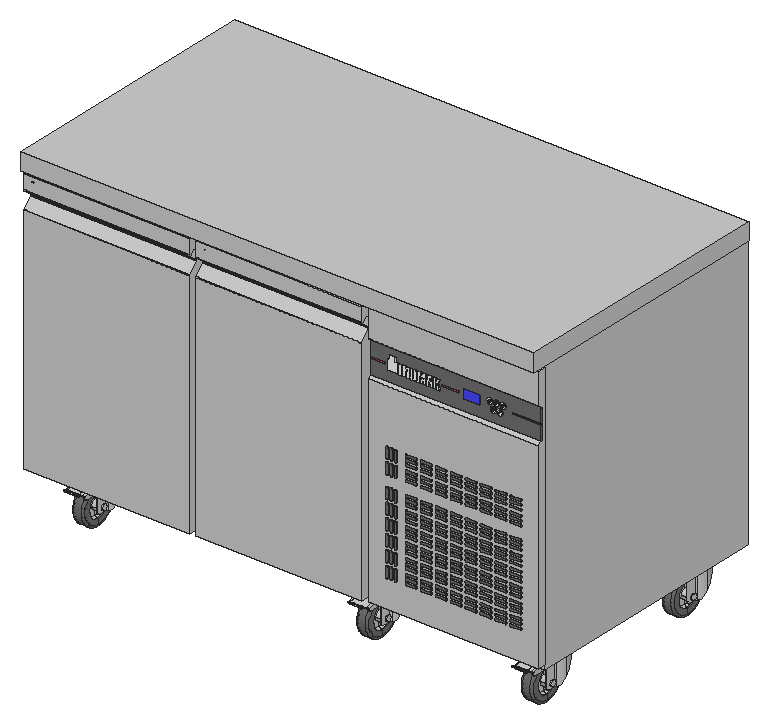
Revit family "QF_INOMAK_PNRP99_250528074223", category Specialty Equipment, Revit 2021 (continued)
Definition of nested family "QF_INOMAK_REF_COUNTERS_DOORS_DRAWERS_16430"
  Parameters (values of type "DR-LX-710")
    NAFEM Spec ID Number [instance] = ""
    Model Warning [instance] = ""
    Model = "DR-LX-710"
    Masterspec [instance] = ""
    Manufacturer = "INOMAK"
    Length Actual [instance] = 435 mm
    Left panel thickness [instance] = 0 mm
    Item Number [instance] = ""
    Installed By [instance] = ""
    Installation Date [instance] = ""
    Identify Quantity as Lot [instance] = yes
    ID [instance] = ""
    Hygiene Approval [instance] = ""
    Height Actual [instance] = 710 mm
    Furnished By [instance] = ""
    Front inset [instance] = 10 mm
    Foodservice Equipment Identifier [instance] = yes
    Finish [instance] = none
    ETL Approved [instance] = yes
    Doors drawers type [instance] = 8
    Description = "LEFT HINGED DOOR"
    Depth Actual [instance] = 700 mm
    Default Elevation = 0 mm
    CSI MasterFormat [instance] = ""
    CE Approved [instance] = yes
    Bottom inset [instance] = 10 mm
    Barcode [instance] = ""
    Author [instance] = ""
    Asset Identifier [instance] = ""
    Assembly Code = "E1090320"
    Accessory [instance] = yes
  Types (9, lengths in mm): name | Model | Height Actual | Doors drawers type | Description
    DW-2-710 | "DW-2-710" | 710 | 4 | "2 X GN 1/2 DRAWERS"
    DR-LX-710 | "DR-LX-710" | 710 | 8 | "LEFT HINGED DOOR"
    DR-RX-710 | "DR-RX-710" | 710 | 9 | "RIGHT HINGED DOOR"
    DW-3-710 | "DW-3-710" | 710 | 6 | "3 X GN 1/3 DRAWERS"
    DW-B-710 | "DW-B-710" | 710 | 5 | "1 X GN 1/3 & 1 X GN 2/3 DRAWERS"
    DW-2-483 | "DW-2-483" | 483 | 4 | "2 X GN 1/3 DRAWERS"
    DR-LX-483 | "DR-LX-483" | 483 | 8 | "LEFT HINGED DOOR"
    DR-RX-483 | "DR-RX-483" | 483 | 9 | "RIGHT HINGED DOOR"
    DW-1-483 | "DW-1-483" | 483 | 10 | "1 X GN 2/3 DRAWER"
  Reference planes
    plane 1 "Front": y = 0
    plane 2: z = 0
    plane 3 "Left": x = 0
    plane 4 "Right": x = 435
    plane 5 "Back": y = 700
    plane 6 "Top": z = 710
    plane 7 "Bottom shelf": z = 0
    plane 8: z = 700
    plane 9: z = 10
    plane 10: x = 0
    plane 11: x = 435
    plane 12 "Center Top Bottom": z = 355
  Lines and regions (mm)
    reference lines
      curve 1: line (0, 0, 355) -> (0, 25, 355)
      curve 2: line (435, 0, 355) -> (435, 25, 355)
      curve 3: line (0, 700, 355) -> (435, 700, 355)
      curve 4: line (0, 0, 355) -> (435, 0, 355)
  Dimensions and locks
    "Length Actual": plane 3 "Left" to plane 4 "Right"
    "Depth Actual": plane 1 "Front" to plane 5 "Back"
    "Height Actual": plane 6 "Top" to plane 7 "Bottom shelf"
    "Plinth height": plane 7 "Bottom shelf" to plane 2
    "Top inset": plane 6 "Top" to plane 8
    "Bottom inset": plane 9 to plane 7 "Bottom shelf"
    "Left panel thickness": plane 3 "Left" to plane 10
    "Right panel thickness": plane 11 to plane 4 "Right"
    equal spacing: plane 6 "Top", plane 12 "Center Top Bottom", plane 7 "Bottom shelf"
    "Length Actual": curve 1 to plane 4 "Right"
    "Length Actual": plane 3 "Left" to curve 2
    "Depth Actual": plane 1 "Front" to curve 3
    "Depth Actual": plane 5 "Back" to curve 4
    aligned and locked: level to plane 2
    aligned and locked: plane 3 "Left" to nested 1
    aligned and locked: plane 3 "Left" to nested 2
    aligned and locked: plane 3 "Left" to nested 3
    aligned and locked: plane 3 "Left" to nested 4
    aligned and locked: plane 3 "Left" to nested 5
    aligned and locked: plane 3 "Left" to nested 6
    aligned and locked: plane 3 "Left" to nested 7
    aligned and locked: plane 3 "Left" to nested 8
    aligned and locked: plane 3 "Left" to nested 9
    aligned and locked: nested 4 to plane 1 "Front"
    aligned and locked: nested 6 to plane 1 "Front"
    aligned and locked: nested 8 to plane 1 "Front"
    aligned and locked: nested 5 to plane 1 "Front"
    aligned and locked: nested 3 to plane 1 "Front"
    aligned and locked: nested 7 to plane 1 "Front"
    aligned and locked: nested 2 to plane 1 "Front"
    aligned and locked: nested 1 to plane 1 "Front"
    aligned and locked: nested 9 to plane 1 "Front"
  Automatic sketch dimensions
    curve 3 to plane 4 "Right" = 0 mm
    curve 3 to plane 3 "Left" = 0 mm
    curve 2 to curve 2 = 25 mm
    curve 1 to curve 1 = 25 mm
  Nested families
    nested 1: "Right_Door" at (0, 700, 0), Depth Actual <- "Depth Actual", Height Actual <- "Height Actual", Length Actual <- "Length Actual", Front inset <- "Front inset", Rear inset <- "Rear inset", Left panel thickness <- "Left panel thickness", Right panel thickness <- "Right panel thickness", Doors drawers type <- "Doors drawers type", Plinth height <- "Plinth height", Top inset <- "Top inset", Bottom inset <- "Bottom inset", type "Right door"
      with Top inset 10 mm, Right panel thickness 0 mm, Right hand hinged door no, Rear inset 0 mm, Plinth height 0 mm, Length Actual 435 mm, Left panel thickness 0 mm, Height Actual 710 mm, Front inset 10 mm, Doors drawers type 8, Depth Actual 700 mm, Bottom inset 10 mm
    nested 2: "Left_Door" at (0, 700, 0), Depth Actual <- "Depth Actual", Height Actual <- "Height Actual", Length Actual <- "Length Actual", Front inset <- "Front inset", Rear inset <- "Rear inset", Left panel thickness <- "Left panel thickness", Right panel thickness <- "Right panel thickness", Doors drawers type <- "Doors drawers type", Plinth height <- "Plinth height", Top inset <- "Top inset", Bottom inset <- "Bottom inset", type "Left door"
      with Top inset 10 mm, Right panel thickness 0 mm, Rear inset 0 mm, Plinth height 0 mm, Length Actual 435 mm, Left panel thickness 0 mm, Left hand hinged door yes, Height Actual 710 mm, Front inset 10 mm, Doors drawers type 8, Depth Actual 700 mm, Bottom inset 10 mm
    nested 3: "3_Drawers_1-3" at (0, 700, 0), Depth Actual <- "Depth Actual", Height Actual <- "Height Actual", Length Actual <- "Length Actual", Front inset <- "Front inset", Rear inset <- "Rear inset", Left panel thickness <- "Left panel thickness", Right panel thickness <- "Right panel thickness", Doors drawers type <- "Doors drawers type", Plinth height <- "Plinth height", Top inset <- "Top inset", Bottom inset <- "Bottom inset", type "3 Drawers 1-3"
      with Top inset 10 mm, Right panel thickness 0 mm, Rear inset 0 mm, Plinth height 0 mm, Length Actual 435 mm, Left panel thickness 0 mm, Height Actual 710 mm, Front inset 10 mm, Doors drawers type 8, Depth Actual 700 mm, Bottom inset 10 mm, 3 Drawers no
    nested 4: "2_Drawers_1-2" at (0, 700, 0), Depth Actual <- "Depth Actual", Height Actual <- "Height Actual", Length Actual <- "Length Actual", Front inset <- "Front inset", Rear inset <- "Rear inset", Left panel thickness <- "Left panel thickness", Right panel thickness <- "Right panel thickness", Doors drawers type <- "Doors drawers type", Plinth height <- "Plinth height", Top inset <- "Top inset", Bottom inset <- "Bottom inset", type "2 Drawers 1-2"
      with Top inset 10 mm, Right panel thickness 0 mm, Rear inset 0 mm, Plinth height 0 mm, Length Actual 435 mm, Left panel thickness 0 mm, Height Actual 710 mm, Front inset 10 mm, Doors drawers type 8, Depth Actual 700 mm, Bottom inset 10 mm, 2 Drawers no
    nested 5: "2_Drawers_1-3_2-3" at (0, 700, 0), Depth Actual <- "Depth Actual", Height Actual <- "Height Actual", Length Actual <- "Length Actual", Front inset <- "Front inset", Rear inset <- "Rear inset", Left panel thickness <- "Left panel thickness", Right panel thickness <- "Right panel thickness", Doors drawers type <- "Doors drawers type", Plinth height <- "Plinth height", Top inset <- "Top inset", Bottom inset <- "Bottom inset", type "2 Drawers 1-3 and 2-3"
      with Top inset 10 mm, Right panel thickness 0 mm, Rear inset 0 mm, Plinth height 0 mm, Length Actual 435 mm, Left panel thickness 0 mm, Height Actual 710 mm, Front inset 10 mm, Doors drawers type 8, Depth Actual 700 mm, Bottom inset 10 mm, 2 Drawers 1-3 and 2-3 no
    nested 6: "Sliding_Doors" at (0, 700, 0), Depth Actual <- "Depth Actual", Height Actual <- "Height Actual", Length Actual <- "Length Actual", Front inset <- "Front inset", Rear inset <- "Rear inset", Left panel thickness <- "Left panel thickness", Right panel thickness <- "Right panel thickness", Doors drawers type <- "Doors drawers type", Plinth height <- "Plinth height", Top inset <- "Top inset", Bottom inset <- "Bottom inset", Finish <- "Finish", type "Sliding doors"
      with Top inset 10 mm, Sliding doors no, Right panel thickness 0 mm, Rear inset 0 mm, Plinth height 0 mm, Length Actual 435 mm, Left panel thickness 0 mm, Height Actual 710 mm, Front inset 10 mm, Finish none, Doors drawers type 8, Depth Actual 700 mm, Bottom inset 10 mm
    nested 7: "4_Drawers_1-4" at (0, 700, 0), Depth Actual <- "Depth Actual", Height Actual <- "Height Actual", Length Actual <- "Length Actual", Front inset <- "Front inset", Rear inset <- "Rear inset", Left panel thickness <- "Left panel thickness", Right panel thickness <- "Right panel thickness", Doors drawers type <- "Doors drawers type", Plinth height <- "Plinth height", Top inset <- "Top inset", Bottom inset <- "Bottom inset", Finish <- "Finish", type "4 Drawers 1-4"
      with Top inset 10 mm, Right panel thickness 0 mm, Rear inset 0 mm, Plinth height 0 mm, Length Actual 435 mm, Left panel thickness 0 mm, Height Actual 710 mm, Front inset 10 mm, Finish none, Doors drawers type 8, Depth Actual 700 mm, Bottom inset 10 mm, 4 Drawers no
    nested 8: "Hinged_Doors" at (0, 700, 0), Length Actual <- "Length Actual", Depth Actual <- "Depth Actual", Height Actual <- "Height Actual", Front inset <- "Front inset", Rear inset <- "Rear inset", Left panel thickness <- "Left panel thickness", Right panel thickness <- "Right panel thickness", Doors drawers type <- "Doors drawers type", Plinth height <- "Plinth height", Top inset <- "Top inset", Bottom inset <- "Bottom inset", Finish <- "Finish", type "Hinged doors"
      with Top inset 10 mm, Right panel thickness 0 mm, Rear inset 0 mm, Plinth height 0 mm, Length Actual 435 mm, Left panel thickness 0 mm, Hinged doors no, Height Actual 710 mm, Front inset 10 mm, Finish none, Doors drawers type 8, Depth Actual 700 mm, Bottom inset 10 mm
    nested 9: "Hopper" at (0, 700, 1.284), Length Actual <- "Length Actual", Depth Actual <- "Depth Actual", Height Actual <- "Height Actual", Front inset <- "Front inset", Rear inset <- "Rear inset", Left panel thickness <- "Left panel thickness", Right panel thickness <- "Right panel thickness", Doors drawers type <- "Doors drawers type", Plinth height <- "Plinth height", Top inset <- "Top inset", Bottom inset <- "Bottom inset", Finish <- "Finish", type "Hopper"
      with Top inset 10 mm, Right panel thickness 0 mm, Rear inset 0 mm, Plinth height 0 mm, Length Actual 435 mm, Left panel thickness 0 mm, Hopper no, Height Actual 710 mm, Front inset 10 mm, Finish none, Doors drawers type 8, Depth Actual 700 mm, Bottom inset 10 mm
  Definition of nested family "Left_Door"
    Parameters (values of type "Left door")
      URL = "www.specifiglobal.com"
      Top inset [instance] = 10 mm
      Right panel thickness [instance] = 0 mm
      Rear inset [instance] = 0 mm
      Plinth height [instance] = 150 mm
      Model = ""
      Manufacturer = "DEMO CONSULTANT"
      Length Actual [instance] = 700 mm
      Left panel thickness [instance] = 0 mm
      Left hand hinged door [instance] = Doors drawers type = 8  # yes
      Height Actual [instance] = 710 mm
      Front inset [instance] = 10 mm
      Finish = none
      Doors drawers type [instance] = 8
      Description = ""
      Depth Actual [instance] = 700 mm
      Default Elevation = 0 mm
      Bottom inset [instance] = 0 mm
      Assembly Code = "E1090320"
    Reference planes
      plane 1 "Back": y = 0
      plane 2: z = 0
      plane 3 "Left": x = 0
      plane 4 "Right": x = 700
      plane 5 "Front": y = -700
      plane 6 "Top": z = 860
      plane 7 "Front legs": y = -690
      plane 8 "Legs top": z = 150
      plane 9 "Backsplash thickness": y = 0
      plane 10 "Left panel": x = 0
      plane 11 "Right panel": x = 700
      plane 12: z = 850
      plane 13: z = 150
    Forms (mm)
      Extrusion 1, solid, material <- "Finish", visible <- "Left hand hinged door"
        sketch origin (0, 0, 0) x (0, -1, 0) y (0, 0, 1)
          loop
            line (690, 150) -> (690, 764.365)
            arc (690, 764.365) -> (689.866, 765.037) -> (689.485, 765.607) r 1.757
            line (689.485, 765.607) -> (666.663, 788.429)
            arc (666.663, 788.429) -> (665.976, 789.458) -> (665.734, 790.672) r 3.172
            line (665.734, 790.672) -> (665.734, 817.576)
            arc (665.734, 817.576) -> (666.433, 819.262) -> (668.119, 819.961) r 2.385
            line (668.119, 819.961) -> (680.029, 819.961) -> (686.544, 810.657)
            arc (686.544, 810.657) -> (688.671, 809.935) -> (690, 811.747) r 1.9
            line (690, 811.747) -> (690, 850) -> (648, 850) -> (648, 150) -> (690, 150)
        from 0 to -700
      Extrusion 2, solid, visible <- "Left hand hinged door", detail levels coarse
        sketch origin (0, -700, 150) x (-1, 0, 0) y (0, 1, 0)
          loop
            arc (-700, 10) -> (-495.871, -481.066) -> (0, -673.23) r 677.11
            line (0, -673.23) -> (0, 10) -> (-700, 10)
        from 0 to -700
    Lines and regions (mm)
      symbolic lines, visible <- "Left hand hinged door"
        curve 1: line (0, -700, 150) -> (0, -1373.247, 150)
        curve 2: arc (0, -1373.247, 150) -> (492.316, -1184.595, 150) -> (700, -700, 150) r 676.963
    Dimensions and locks
      "Length Actual": plane 3 "Left" to plane 4 "Right"
      "Depth Actual": plane 5 "Front" to plane 1 "Back"
      "Height Actual": plane 6 "Top" to plane 8 "Legs top"
      "Front inset": plane 7 "Front legs" to plane 5 "Front"
      "Plinth height": plane 8 "Legs top" to plane 2
      "Rear inset": plane 9 "Backsplash thickness" to plane 1 "Back"
      "Right panel thickness": plane 11 "Right panel" to plane 4 "Right"
      "Left panel thickness": plane 3 "Left" to plane 10 "Left panel"
      "Top inset": plane 6 "Top" to plane 12
      "Bottom inset": plane 13 to plane 8 "Legs top"
      aligned and locked: level to plane 2
      aligned and locked: Extrusion 1 to plane 11 "Right panel"
      aligned and locked: plane 10 "Left panel" to Extrusion 2 sketch curve
      aligned and locked: plane 11 "Right panel" to Extrusion 2 sketch curve
      aligned and locked: Extrusion 2 sketch curve to plane 10 "Left panel"
      aligned and locked: plane 7 "Front legs" to Extrusion 2 sketch curve
      aligned and locked: plane 7 "Front legs" to Extrusion 2
      aligned and locked: plane 10 "Left panel" to Extrusion 2
      aligned and locked: Extrusion 2 to plane 12
      aligned and locked: Extrusion 1 sketch curve to plane 13
      aligned and locked: Extrusion 1 sketch curve to plane 7 "Front legs"
      aligned and locked: Extrusion 1 sketch curve to plane 12
    Automatic sketch dimensions
      Extrusion 1 sketch curve to Extrusion 1 sketch curve = 1.556 mm
      Extrusion 1 sketch curve to Extrusion 1 sketch curve = 11.91 mm
      Extrusion 1 sketch curve to Extrusion 1 sketch curve = 2.243 mm
      Extrusion 1 sketch curve to Extrusion 1 sketch curve = 2.385 mm
      Extrusion 1 sketch curve to Extrusion 1 sketch curve = 20.119 mm
      Extrusion 1 sketch curve to Extrusion 1 sketch curve = 22.822 mm
      Extrusion 1 sketch curve to Extrusion 1 sketch curve = 19.985 mm
      Extrusion 1 sketch curve to Extrusion 1 sketch curve = 6.919 mm
      Extrusion 1 sketch curve to Extrusion 1 sketch curve = 30.039 mm
      plane 7 "Front legs" to Extrusion 1 sketch curve = 42 mm
      Extrusion 1 sketch curve to Extrusion 1 sketch curve = 0.929 mm
      Extrusion 1 sketch curve to Extrusion 1 sketch curve = 6.515 mm
      Extrusion 1 sketch curve to Extrusion 1 sketch curve = 1.242 mm
      Extrusion 1 sketch curve to Extrusion 1 sketch curve = 1.9 mm
      Extrusion 1 sketch curve to Extrusion 1 sketch curve = 0.515 mm
      plane 5 "Front" to Extrusion 2 sketch curve = 3.492 mm
      plane 3 "Left" to Extrusion 2 sketch curve = 22.921 mm
      curve 1 to plane 3 "Left" = 0 mm
      curve 2 to plane 4 "Right" = 0 mm
      curve 2 to plane 5 "Front" = 0 mm
      curve 1 to plane 5 "Front" = 0 mm
      plane 5 "Front" to curve 2 = 3.324 mm
      plane 3 "Left" to curve 2 = 23.045 mm
  Definition of nested family "Right_Door"
    Parameters (values of type "Right door")
      URL = "www.specifiglobal.com"
      Top inset [instance] = 4 mm
      Right panel thickness [instance] = 35 mm
      Right hand hinged door [instance] = Doors drawers type = 9  # yes
      Rear inset [instance] = 10 mm
      Plinth height [instance] = 150 mm
      Model = ""
      Manufacturer = "DEMO CONSULTANT"
      Length Actual [instance] = 1700 mm
      Left panel thickness [instance] = 35 mm
      Height Actual [instance] = 900 mm
      Front inset [instance] = 10 mm
      Finish = none
      Doors drawers type [instance] = 9
      Description = ""
      Depth Actual [instance] = 700 mm
      Default Elevation = 0 mm
      Bottom inset [instance] = 4 mm
      Assembly Code = "E1090320"
    Reference planes
      plane 1 "Back": y = 0
      plane 2: z = 0
      plane 3 "Left": x = 0
      plane 4 "Right": x = 1700
      plane 5 "Front": y = -700
      plane 6 "Top": z = 1050
      plane 7 "Front legs": y = -690
      plane 8 "Legs top": z = 150
      plane 9 "Backsplash thickness": y = -10
      plane 10 "Left panel": x = 35
      plane 11 "Right panel": x = 1665
      plane 12: z = 1046
      plane 13: z = 154
    Forms (mm)
      Extrusion 1, solid, material <- "Finish", visible <- "Right hand hinged door"
        sketch origin (35, 0, 0) x (0, -1, 0) y (0, 0, 1)
          loop
            line (690, 154) -> (690, 960.365)
            arc (690, 960.365) -> (689.866, 961.037) -> (689.485, 961.607) r 1.757
            line (689.485, 961.607) -> (666.663, 984.429)
            arc (666.663, 984.429) -> (665.976, 985.458) -> (665.734, 986.672) r 3.172
            line (665.734, 986.672) -> (665.734, 1013.576)
            arc (665.734, 1013.576) -> (666.433, 1015.262) -> (668.119, 1015.961) r 2.385
            line (668.119, 1015.961) -> (680.029, 1015.961) -> (686.544, 1006.657)
            arc (686.544, 1006.657) -> (688.671, 1005.935) -> (690, 1007.747) r 1.9
            line (690, 1007.747) -> (690, 1046) -> (648, 1046) -> (648, 154) -> (690, 154)
        from 0 to -1630
      Extrusion 2, solid, visible <- "Right hand hinged door", detail levels coarse
        sketch origin (0, -700, 154) x (-1, 0, 0) y (0, 1, 0)
          loop
            line (-1665, 10) -> (-1665, -1637.12)
            arc (-1665, -1637.12) -> (-517.894, -1142.214) -> (-35, 10) r 1670.236
            line (-35, 10) -> (-1665, 10)
        from 0 to -892
    Lines and regions (mm)
      symbolic lines, visible <- "Right hand hinged door"
        curve 1: line (1665, -2337.12, 150) -> (1665, -700, 150)
        curve 2: arc (1665, -2337.12, 150) -> (521.415, -1845.762, 150) -> (35.165, -699.995, 150) r 1670.236
    Dimensions and locks
      "Length Actual": plane 3 "Left" to plane 4 "Right"
      "Depth Actual": plane 5 "Front" to plane 1 "Back"
      "Height Actual": plane 6 "Top" to plane 8 "Legs top"
      "Front inset": plane 7 "Front legs" to plane 5 "Front"
      "Plinth height": plane 8 "Legs top" to plane 2
      "Rear inset": plane 9 "Backsplash thickness" to plane 1 "Back"
      "Right panel thickness": plane 11 "Right panel" to plane 4 "Right"
      "Left panel thickness": plane 3 "Left" to plane 10 "Left panel"
      "Top inset": plane 6 "Top" to plane 12
      "Bottom inset": plane 13 to plane 8 "Legs top"
      aligned and locked: level to plane 2
      aligned and locked: Extrusion 1 to plane 11 "Right panel"
      aligned and locked: plane 10 "Left panel" to Extrusion 2 sketch curve
      aligned and locked: plane 11 "Right panel" to Extrusion 2 sketch curve
      aligned and locked: plane 7 "Front legs" to Extrusion 2
      aligned and locked: plane 7 "Front legs" to Extrusion 2 sketch curve
      aligned and locked: Extrusion 2 sketch curve to plane 11 "Right panel"
      aligned and locked: curve 1 to Extrusion 2
      aligned and locked: plane 5 "Front" to curve 1
      aligned and locked: Extrusion 2 to plane 12
      aligned and locked: Extrusion 1 sketch curve to plane 12
      aligned and locked: Extrusion 1 sketch curve to plane 7 "Front legs"
      aligned and locked: Extrusion 1 sketch curve to plane 13
      aligned and locked: curve 2 to Extrusion 2
    Automatic sketch dimensions
      Extrusion 1 sketch curve to Extrusion 1 sketch curve = 1.556 mm
      Extrusion 1 sketch curve to Extrusion 1 sketch curve = 11.91 mm
      Extrusion 1 sketch curve to Extrusion 1 sketch curve = 2.243 mm
      Extrusion 1 sketch curve to Extrusion 1 sketch curve = 2.385 mm
      Extrusion 1 sketch curve to Extrusion 1 sketch curve = 20.119 mm
      Extrusion 1 sketch curve to Extrusion 1 sketch curve = 22.822 mm
      Extrusion 1 sketch curve to Extrusion 1 sketch curve = 19.985 mm
      Extrusion 1 sketch curve to Extrusion 1 sketch curve = 6.919 mm
      Extrusion 1 sketch curve to Extrusion 1 sketch curve = 30.039 mm
      plane 7 "Front legs" to Extrusion 1 sketch curve = 42 mm
      Extrusion 1 sketch curve to Extrusion 1 sketch curve = 0.929 mm
      Extrusion 1 sketch curve to Extrusion 1 sketch curve = 6.515 mm
      Extrusion 1 sketch curve to Extrusion 1 sketch curve = 1.242 mm
      Extrusion 1 sketch curve to Extrusion 1 sketch curve = 1.9 mm
      Extrusion 1 sketch curve to Extrusion 1 sketch curve = 0.515 mm
      Extrusion 2 sketch curve to plane 4 "Right" = 5.083 mm
      plane 7 "Front legs" to Extrusion 2 sketch curve = 22.635 mm
      plane 5 "Front" to curve 2 = 0.005 mm
  Definition of nested family "3_Drawers_1-3"
    Parameters (values of type "3 Drawers 1-3")
      URL = "www.specifiglobal.com"
      Top inset [instance] = 4 mm
      Right panel thickness [instance] = 35 mm
      Rear inset [instance] = 10 mm
      Plinth height [instance] = 150 mm
      Model = ""
      Manufacturer = "DEMO CONSULTANT"
      Length Actual [instance] = 1200 mm
      Left panel thickness [instance] = 35 mm
      Height Actual [instance] = 900 mm
      Front inset [instance] = 10 mm
      Finish = none
      Doors drawers type [instance] = 6
      Description = ""
      Depth Actual [instance] = 700 mm
      Default Elevation = 0 mm
      Bottom inset [instance] = 4 mm
      Assembly Code = "E1090320"
      3 Drawers [instance] = Doors drawers type = 6  # yes
    Reference planes
      plane 1 "Back": y = 0
      plane 2: z = 0
      plane 3 "Left": x = 0
      plane 4 "Right": x = 1200
      plane 5 "Front": y = -700
      plane 6 "Top": z = 1050
      plane 7 "Front legs": y = -690
      plane 8 "Legs top": z = 150
      plane 9 "Backsplash thickness": y = -10
      plane 10 "Left panel": x = 35
      plane 11 "Right panel": x = 1165
      plane 12: z = 749.333
      plane 13: z = 1046
      plane 14: z = 751.667
      plane 15: z = 747
      plane 16: z = 1048
      plane 17: z = 450.667
      plane 18: z = 453.333
      plane 19: z = 448
      plane 20: z = 154
      plane 21: z = 152
    Forms (mm)
      Extrusion 1, solid, material <- "Finish", visible <- "3 Drawers"
        sketch origin (35, 0, 0) x (0, -1, 0) y (0, 0, 1)
          loop
            line (690, 751.667) -> (690, 960.365)
            arc (690, 960.365) -> (689.866, 961.037) -> (689.485, 961.607) r 1.757
            line (689.485, 961.607) -> (666.663, 984.429)
            arc (666.663, 984.429) -> (665.976, 985.458) -> (665.734, 986.672) r 3.172
            line (665.734, 986.672) -> (665.734, 1013.576)
            arc (665.734, 1013.576) -> (666.433, 1015.262) -> (668.119, 1015.961) r 2.385
            line (668.119, 1015.961) -> (680.029, 1015.961) -> (686.544, 1006.657)
            arc (686.544, 1006.657) -> (688.671, 1005.935) -> (690, 1007.747) r 1.9
            line (690, 1007.747) -> (690, 1046) -> (648, 1046) -> (648, 751.667) -> (690, 751.667)
        from 0 to -1130
      Extrusion 2, solid, visible <- "3 Drawers", detail levels coarse
        sketch origin (0, -640.463, 751.667) x (0, 1, 0) y (-1, 0, 0)
          loop
            line (-49.537, -35) -> (-624.582, -35) -> (-624.582, -1165) -> (-49.537, -1165) -> (-49.537, -35)
        from 0 to 294.333
      Extrusion 3, solid, visible <- "3 Drawers", detail levels coarse
        sketch origin (0, -640.463, 453.333) x (0, 1, 0) y (-1, 0, 0)
          loop
            line (-49.537, -35) -> (-624.582, -35) -> (-624.582, -1165) -> (-49.537, -1165) -> (-49.537, -35)
        from 0 to 293.667
      Extrusion 4, solid, visible <- "3 Drawers", detail levels coarse
        sketch origin (0, -700, 154) x (-1, 0, 0) y (0, 1, 0)
          loop
            line (-35, 10) -> (-1165, 10) -> (-1165, -565.045) -> (-35, -565.045) -> (-35, 10)
        from 0 to -294
      Extrusion 5, solid, material <- "Finish", visible <- "3 Drawers"
        sketch origin (35, 0, -220.667) x (0, -1, 0) y (0, 0, 1)
          loop
            line (690, 674) -> (690, 882.031)
            arc (690, 882.031) -> (689.866, 882.704) -> (689.485, 883.274) r 1.757
            line (689.485, 883.274) -> (666.663, 906.096)
            arc (666.663, 906.096) -> (665.976, 907.125) -> (665.734, 908.339) r 3.172
            line (665.734, 908.339) -> (665.734, 935.243)
            arc (665.734, 935.243) -> (666.433, 936.929) -> (668.119, 937.628) r 2.385
            line (668.119, 937.628) -> (680.029, 937.628) -> (686.544, 928.324)
            arc (686.544, 928.324) -> (688.671, 927.602) -> (690, 929.414) r 1.9
            line (690, 929.414) -> (690, 967.667) -> (648, 967.667) -> (648, 674) -> (690, 674)
        from 0 to -1130
      Extrusion 6, solid, material <- "Finish", visible <- "3 Drawers"
        sketch origin (35, 0, -441.333) x (0, -1, 0) y (0, 0, 1)
          loop
            line (690, 595.333) -> (690, 800.031)
            arc (690, 800.031) -> (689.866, 800.704) -> (689.485, 801.274) r 1.757
            line (689.485, 801.274) -> (666.663, 824.096)
            arc (666.663, 824.096) -> (665.976, 825.125) -> (665.734, 826.339) r 3.172
            line (665.734, 826.339) -> (665.734, 857.243)
            arc (665.734, 857.243) -> (666.433, 858.929) -> (668.119, 859.628) r 2.385
            line (668.119, 859.628) -> (680.029, 859.628) -> (686.544, 850.324)
            arc (686.544, 850.324) -> (688.671, 849.602) -> (690, 851.414) r 1.9
            line (690, 851.414) -> (690, 889.333) -> (648, 889.333) -> (648, 595.333) -> (690, 595.333)
        from 0 to -1130
    Lines and regions (mm)
      symbolic lines, visible <- "3 Drawers"
        curve 1: line (35, -850, 900) -> (35, -890, 900)
        curve 2: line (35, -890, 900) -> (1165, -890, 900)
        curve 3: line (1165, -890, 900) -> (1165, -850, 900)
        curve 4: line (1165, -850, 900) -> (35, -850, 900)
        curve 5: line (1135, -850, 900) -> (1135, -700, 900)
        curve 6: line (65, -850, 900) -> (65, -700, 900)
        curve 7: line (35, -1040, 900) -> (35, -1080, 900)
        curve 8: line (35, -1080, 900) -> (1165, -1080, 900)
        curve 9: line (1165, -1080, 900) -> (1165, -1040, 900)
        curve 10: line (1165, -1040, 900) -> (35, -1040, 900)
        curve 11: line (1135, -1040, 900) -> (1135, -890, 900)
        curve 12: line (65, -1040, 900) -> (65, -890, 900)
        curve 13: line (35, -1225, 900) -> (35, -1265, 900)
        curve 14: line (35, -1265, 900) -> (1165, -1265, 900)
        curve 15: line (1165, -1265, 900) -> (1165, -1225, 900)
        curve 16: line (1165, -1225, 900) -> (35, -1225, 900)
        curve 17: line (1135, -1225, 900) -> (1135, -1080, 900)
        curve 18: line (65, -1225, 900) -> (65, -1080, 900)
    Dimensions and locks
      "Length Actual": plane 3 "Left" to plane 4 "Right"
      "Depth Actual": plane 5 "Front" to plane 1 "Back"
      "Height Actual": plane 6 "Top" to plane 8 "Legs top"
      "Front inset": plane 7 "Front legs" to plane 5 "Front"
      "Plinth height": plane 8 "Legs top" to plane 2
      "Rear inset": plane 9 "Backsplash thickness" to plane 1 "Back"
      "Right panel thickness": plane 11 "Right panel" to plane 4 "Right"
      "Left panel thickness": plane 3 "Left" to plane 10 "Left panel"
      plane 14 to plane 15 = 4.667 mm
      equal spacing: plane 14, plane 12, plane 15
      locked: plane 16 to plane 13 at 2
      equal spacing: plane 18, plane 17, plane 19
      plane 18 to plane 19 = 5.333 mm
      "Bottom inset": plane 20 to plane 8 "Legs top"
      equal spacing: plane 21, plane 17, plane 12, plane 16
      "Top inset": plane 13 to plane 6 "Top"
      locked: plane 21 to plane 20 at 2
      aligned and locked: level to plane 2
      aligned and locked: Extrusion 1 to plane 11 "Right panel"
      aligned and locked: plane 10 "Left panel" to curve 1
      aligned and locked: plane 10 "Left panel" to curve 7
      aligned and locked: plane 10 "Left panel" to curve 13
      aligned and locked: Extrusion 2 sketch curve to plane 10 "Left panel"
      aligned and locked: plane 11 "Right panel" to Extrusion 2 sketch curve
      aligned and locked: Extrusion 3 sketch curve to plane 10 "Left panel"
      aligned and locked: plane 11 "Right panel" to Extrusion 3 sketch curve
      aligned and locked: Extrusion 4 sketch curve to plane 10 "Left panel"
      aligned and locked: plane 11 "Right panel" to Extrusion 4 sketch curve
      aligned and locked: Extrusion 2 to plane 13
      aligned and locked: Extrusion 3 to plane 15
      aligned and locked: Extrusion 4 to plane 19
      aligned and locked: Extrusion 5 to plane 11 "Right panel"
      aligned and locked: Extrusion 6 to plane 11 "Right panel"
      aligned and locked: Extrusion 1 sketch curve to plane 13
      aligned and locked: Extrusion 1 sketch curve to plane 7 "Front legs"
      aligned and locked: plane 18 to Extrusion 5 sketch curve
      aligned and locked: Extrusion 6 sketch curve to Extrusion 4  (x2)
      aligned and locked: Extrusion 5 sketch curve to plane 15
      aligned and locked: Extrusion 4 to Extrusion 5 sketch curve
      aligned and locked: Extrusion 6 sketch curve to plane 19
      aligned and locked: Extrusion 6 sketch curve to plane 20
    Automatic sketch dimensions
      Extrusion 2 sketch curve to plane 7 "Front legs" = 0 mm
      Extrusion 2 sketch curve to plane 5 "Front" = 565.045 mm
      Extrusion 3 sketch curve to plane 7 "Front legs" = 0 mm
      Extrusion 3 sketch curve to plane 5 "Front" = 565.045 mm
      Extrusion 4 sketch curve to plane 7 "Front legs" = 0 mm
      Extrusion 4 sketch curve to plane 5 "Front" = 565.045 mm
      curve 14 to plane 11 "Right panel" = 0 mm
      curve 8 to plane 11 "Right panel" = 0 mm
      curve 3 to plane 11 "Right panel" = 0 mm
      curve 6 to plane 5 "Front" = 0 mm
      curve 5 to plane 5 "Front" = 0 mm
      curve 1 to plane 5 "Front" = 150 mm
      curve 2 to curve 3 = 40 mm
      curve 10 to curve 1 = 150 mm
      curve 9 to curve 9 = 40 mm
      curve 13 to curve 7 = 145 mm
      curve 14 to curve 13 = 40 mm
      curve 3 to curve 5 = 30 mm
      curve 15 to curve 17 = 30 mm
      curve 11 to curve 17 = 0 mm
      curve 6 to plane 10 "Left panel" = 30 mm
      curve 18 to plane 10 "Left panel" = 30 mm
      curve 12 to curve 18 = 0 mm
      Extrusion 1 sketch curve to plane 14 = 0 mm
      Extrusion 1 sketch curve to plane 7 "Front legs" = 0 mm
      plane 7 "Front legs" to Extrusion 1 sketch curve = 0.515 mm
      plane 7 "Front legs" to Extrusion 1 sketch curve = 1.757 mm
      plane 7 "Front legs" to Extrusion 1 sketch curve = 1.9 mm
      Extrusion 1 sketch curve to Extrusion 1 sketch curve = 1.556 mm
      plane 7 "Front legs" to Extrusion 1 sketch curve = 9.971 mm
      plane 7 "Front legs" to Extrusion 1 sketch curve = 21.094 mm
      Extrusion 1 sketch curve to Extrusion 1 sketch curve = 11.91 mm
      Extrusion 1 sketch curve to Extrusion 1 sketch curve = 2.243 mm
      Extrusion 1 sketch curve to Extrusion 1 sketch curve = 2.385 mm
      Extrusion 1 sketch curve to Extrusion 1 sketch curve = 20.119 mm
      plane 13 to Extrusion 1 sketch curve = 85.635 mm
      Extrusion 1 sketch curve to Extrusion 1 sketch curve = 22.822 mm
      Extrusion 1 sketch curve to Extrusion 1 sketch curve = 19.985 mm
      Extrusion 1 sketch curve to Extrusion 1 sketch curve = 6.919 mm
      plane 15 to Extrusion 5 sketch curve = 59.328 mm
      Extrusion 5 sketch curve to Extrusion 5 sketch curve = 17.734 mm
      plane 15 to Extrusion 5 sketch curve = 61.571 mm
      Extrusion 5 sketch curve to Extrusion 5 sketch curve = 0.929 mm
      Extrusion 5 sketch curve to Extrusion 5 sketch curve = 2.385 mm
      Extrusion 5 sketch curve to Extrusion 5 sketch curve = 11.91 mm
      Extrusion 5 sketch curve to Extrusion 5 sketch curve = 6.515 mm
      Extrusion 5 sketch curve to Extrusion 5 sketch curve = 1.556 mm
      Extrusion 5 sketch curve to Extrusion 5 sketch curve = 21.58 mm
      plane 15 to Extrusion 5 sketch curve = 84.393 mm
      Extrusion 5 sketch curve to Extrusion 5 sketch curve = 1.242 mm
      Extrusion 5 sketch curve to Extrusion 5 sketch curve = 1.9 mm
      Extrusion 5 sketch curve to Extrusion 5 sketch curve = 0.515 mm
      Extrusion 5 sketch curve to Extrusion 5 sketch curve = 6.919 mm
      Extrusion 5 sketch curve to Extrusion 5 sketch curve = 30.039 mm
      plane 7 "Front legs" to Extrusion 6 sketch curve = 0.515 mm
      plane 7 "Front legs" to Extrusion 6 sketch curve = 1.757 mm
      plane 7 "Front legs" to Extrusion 6 sketch curve = 1.9 mm
      Extrusion 6 sketch curve to Extrusion 6 sketch curve = 1.556 mm
      plane 7 "Front legs" to Extrusion 6 sketch curve = 9.971 mm
      plane 7 "Front legs" to Extrusion 6 sketch curve = 21.094 mm
      Extrusion 6 sketch curve to Extrusion 6 sketch curve = 11.91 mm
      Extrusion 6 sketch curve to Extrusion 6 sketch curve = 2.243 mm
      Extrusion 6 sketch curve to Extrusion 6 sketch curve = 2.385 mm
      Extrusion 6 sketch curve to Extrusion 6 sketch curve = 20.119 mm
      plane 19 to Extrusion 6 sketch curve = 89.302 mm
      Extrusion 6 sketch curve to Extrusion 6 sketch curve = 22.822 mm
      Extrusion 6 sketch curve to Extrusion 6 sketch curve = 23.985 mm
      Extrusion 6 sketch curve to Extrusion 6 sketch curve = 6.919 mm
  Definition of nested family "2_Drawers_1-2"
    Parameters (values of type "2 Drawers 1-2")
      URL = "www.specifiglobal.com"
      Top inset [instance] = 4 mm
      Right panel thickness [instance] = 35 mm
      Rear inset [instance] = 10 mm
      Plinth height [instance] = 150 mm
      Model = ""
      Manufacturer = "DEMO CONSULTANT"
      Length Actual [instance] = 1200 mm
      Left panel thickness [instance] = 35 mm
      Height Actual [instance] = 900 mm
      Front inset [instance] = 10 mm
      Finish = none
      Doors drawers type [instance] = 4
      Description = ""
      Depth Actual [instance] = 700 mm
      Default Elevation = 0 mm
      Bottom inset [instance] = 4 mm
      Assembly Code = "E1090320"
      2 Drawers [instance] = Doors drawers type = 4  # yes
    Reference planes
      plane 1 "Back": y = 0
      plane 2: z = 0
      plane 3 "Left": x = 0
      plane 4 "Right": x = 1200
      plane 5 "Front": y = -700
      plane 6 "Top": z = 1050
      plane 7 "Front legs": y = -690
      plane 8 "Legs top": z = 150
      plane 9 "Backsplash thickness": y = -10
      plane 10 "Left panel": x = 35
      plane 11 "Right panel": x = 1165
      plane 12: z = 600
      plane 13: z = 1046
      plane 14: z = 602
      plane 15: z = 598
      plane 16: z = 154
    Forms (mm)
      Extrusion 1, solid, material <- "Finish", visible <- "2 Drawers"
        sketch origin (35, 0, 0) x (0, -1, 0) y (0, 0, 1)
          loop
            line (690, 602) -> (690, 960.365)
            arc (690, 960.365) -> (689.866, 961.037) -> (689.485, 961.607) r 1.757
            line (689.485, 961.607) -> (666.663, 984.429)
            arc (666.663, 984.429) -> (665.976, 985.458) -> (665.734, 986.672) r 3.172
            line (665.734, 986.672) -> (665.734, 1013.576)
            arc (665.734, 1013.576) -> (666.433, 1015.262) -> (668.119, 1015.961) r 2.385
            line (668.119, 1015.961) -> (680.029, 1015.961) -> (686.544, 1006.657)
            arc (686.544, 1006.657) -> (688.671, 1005.935) -> (690, 1007.747) r 1.9
            line (690, 1007.747) -> (690, 1046) -> (648, 1046) -> (648, 602) -> (690, 602)
        from 0 to -1130
      Extrusion 2, solid, visible <- "2 Drawers", detail levels coarse
        sketch origin (0, -640.463, 602) x (0, 1, 0) y (-1, 0, 0)
          loop
            line (-49.537, -35) -> (-624.537, -35) -> (-624.537, -1165) -> (-49.537, -1165) -> (-49.537, -35)
        from 0 to 444
      Extrusion 3, solid, visible <- "2 Drawers", detail levels coarse
        sketch origin (0, -700, 154) x (-1, 0, 0) y (0, 1, 0)
          loop
            line (-35, 10) -> (-1165, 10) -> (-1165, -565) -> (-35, -565) -> (-35, 10)
        from 0 to -444
      Extrusion 4, solid, material <- "Finish", visible <- "2 Drawers"
        sketch origin (35, 0, -441.333) x (0, -1, 0) y (0, 0, 1)
          loop
            line (690, 595.333) -> (690, 953.698)
            arc (690, 953.698) -> (689.866, 954.37) -> (689.485, 954.94) r 1.757
            line (689.485, 954.94) -> (666.663, 977.763)
            arc (666.663, 977.763) -> (665.976, 978.792) -> (665.734, 980.006) r 3.172
            line (665.734, 980.006) -> (665.734, 1006.909)
            arc (665.734, 1006.909) -> (666.433, 1008.596) -> (668.119, 1009.294) r 2.385
            line (668.119, 1009.294) -> (680.029, 1009.294) -> (686.544, 999.991)
            arc (686.544, 999.991) -> (688.671, 999.268) -> (690, 1001.08) r 1.9
            line (690, 1001.08) -> (690, 1039.333) -> (648, 1039.333) -> (648, 595.333) -> (690, 595.333)
        from 0 to -1130
    Lines and regions (mm)
      symbolic lines, visible <- "2 Drawers"
        curve 1: line (35, -940, 900) -> (35, -980, 900)
        curve 2: line (35, -980, 900) -> (1165, -980, 900)
        curve 3: line (1165, -980, 900) -> (1165, -940, 900)
        curve 4: line (1165, -940, 900) -> (35, -940, 900)
        curve 5: line (1135, -940, 900) -> (1135, -700, 900)
        curve 6: line (65, -940, 900) -> (65, -700, 900)
        curve 7: line (35, -1225, 900) -> (35, -1265, 900)
        curve 8: line (35, -1265, 900) -> (1165, -1265, 900)
        curve 9: line (1165, -1265, 900) -> (1165, -1225, 900)
        curve 10: line (1165, -1225, 900) -> (35, -1225, 900)
        curve 11: line (1135, -1225, 900) -> (1135, -980, 900)
        curve 12: line (65, -1225, 900) -> (65, -980, 900)
    Dimensions and locks
      "Length Actual": plane 3 "Left" to plane 4 "Right"
      "Depth Actual": plane 5 "Front" to plane 1 "Back"
      "Height Actual": plane 6 "Top" to plane 8 "Legs top"
      "Front inset": plane 7 "Front legs" to plane 5 "Front"
      "Plinth height": plane 8 "Legs top" to plane 2
      "Rear inset": plane 9 "Backsplash thickness" to plane 1 "Back"
      "Right panel thickness": plane 11 "Right panel" to plane 4 "Right"
      "Left panel thickness": plane 3 "Left" to plane 10 "Left panel"
      "Top inset": plane 6 "Top" to plane 13
      "Bottom inset": plane 16 to plane 8 "Legs top"
      equal spacing: plane 16, plane 12, plane 13
      locked: plane 14 to plane 12 at 2
      locked: plane 15 to plane 12 at 2
      aligned and locked: level to plane 2
      aligned and locked: Extrusion 1 to plane 11 "Right panel"
      aligned and locked: plane 10 "Left panel" to curve 1
      aligned and locked: plane 10 "Left panel" to curve 7
      aligned and locked: Extrusion 2 sketch curve to plane 10 "Left panel"
      aligned and locked: plane 11 "Right panel" to Extrusion 2 sketch curve
      aligned and locked: Extrusion 3 sketch curve to plane 10 "Left panel"
      aligned and locked: plane 11 "Right panel" to Extrusion 3 sketch curve
      aligned and locked: Extrusion 2 to plane 13
      aligned and locked: Extrusion 4 to plane 11 "Right panel"
      aligned and locked: Extrusion 3 to plane 15
      aligned and locked: Extrusion 1 sketch curve to plane 13
      aligned and locked: Extrusion 1 sketch curve to plane 7 "Front legs"
      aligned and locked: plane 14 to Extrusion 1 sketch curve
      aligned and locked: Extrusion 4 sketch curve to plane 15
      aligned and locked: Extrusion 4 sketch curve to plane 7 "Front legs"
      aligned and locked: Extrusion 4 sketch curve to plane 16
    Automatic sketch dimensions
      Extrusion 2 sketch curve to plane 7 "Front legs" = 0 mm
      Extrusion 2 sketch curve to plane 5 "Front" = 565 mm
      Extrusion 3 sketch curve to plane 7 "Front legs" = 0 mm
      Extrusion 3 sketch curve to plane 5 "Front" = 565 mm
      curve 9 to plane 11 "Right panel" = 0 mm
      curve 2 to plane 11 "Right panel" = 0 mm
      curve 5 to plane 5 "Front" = 0 mm
      curve 6 to plane 5 "Front" = 0 mm
      curve 1 to plane 5 "Front" = 240 mm
      curve 3 to curve 3 = 40 mm
      curve 7 to curve 1 = 245 mm
      curve 8 to curve 9 = 40 mm
      plane 11 "Right panel" to curve 5 = 30 mm
      curve 2 to curve 11 = 30 mm
      curve 6 to plane 10 "Left panel" = 30 mm
      curve 12 to plane 10 "Left panel" = 30 mm
      Extrusion 1 sketch curve to Extrusion 1 sketch curve = 17.734 mm
      Extrusion 1 sketch curve to Extrusion 1 sketch curve = 0.929 mm
      Extrusion 1 sketch curve to Extrusion 1 sketch curve = 2.385 mm
      Extrusion 1 sketch curve to Extrusion 1 sketch curve = 3.172 mm
      Extrusion 1 sketch curve to Extrusion 1 sketch curve = 11.91 mm
      Extrusion 1 sketch curve to Extrusion 1 sketch curve = 6.515 mm
      Extrusion 1 sketch curve to Extrusion 1 sketch curve = 1.556 mm
      Extrusion 1 sketch curve to Extrusion 1 sketch curve = 21.58 mm
      Extrusion 1 sketch curve to Extrusion 1 sketch curve = 1.242 mm
      Extrusion 1 sketch curve to Extrusion 1 sketch curve = 1.9 mm
      Extrusion 1 sketch curve to Extrusion 1 sketch curve = 0.515 mm
      Extrusion 1 sketch curve to Extrusion 1 sketch curve = 22.822 mm
      Extrusion 1 sketch curve to Extrusion 1 sketch curve = 19.985 mm
      Extrusion 1 sketch curve to Extrusion 1 sketch curve = 6.919 mm
      Extrusion 1 sketch curve to Extrusion 1 sketch curve = 30.039 mm
      Extrusion 4 sketch curve to plane 7 "Front legs" = 0 mm
      plane 7 "Front legs" to Extrusion 4 sketch curve = 0.515 mm
      plane 7 "Front legs" to Extrusion 4 sketch curve = 1.757 mm
      plane 7 "Front legs" to Extrusion 4 sketch curve = 1.9 mm
      Extrusion 4 sketch curve to Extrusion 4 sketch curve = 1.556 mm
      plane 7 "Front legs" to Extrusion 4 sketch curve = 9.971 mm
      plane 7 "Front legs" to Extrusion 4 sketch curve = 21.094 mm
      Extrusion 4 sketch curve to Extrusion 4 sketch curve = 11.91 mm
      Extrusion 4 sketch curve to Extrusion 4 sketch curve = 2.243 mm
      Extrusion 4 sketch curve to Extrusion 4 sketch curve = 2.385 mm
      Extrusion 4 sketch curve to Extrusion 4 sketch curve = 20.119 mm
      Extrusion 4 sketch curve to Extrusion 4 sketch curve = 22.822 mm
      Extrusion 4 sketch curve to Extrusion 4 sketch curve = 19.985 mm
      Extrusion 4 sketch curve to Extrusion 4 sketch curve = 6.919 mm
      Extrusion 4 sketch curve to Extrusion 4 sketch curve = 30.039 mm
  Definition of nested family "2_Drawers_1-3_2-3"
    Parameters (values of type "2 Drawers 1-3 and 2-3")
      URL = "www.specifiglobal.com"
      Top inset [instance] = 4 mm
      Right panel thickness [instance] = 35 mm
      Rear inset [instance] = 10 mm
      Plinth height [instance] = 150 mm
      Model = ""
      Manufacturer = "DEMO CONSULTANT"
      Length Actual [instance] = 1200 mm
      Left panel thickness [instance] = 35 mm
      Height Actual [instance] = 900 mm
      Front inset [instance] = 10 mm
      Finish = none
      Doors drawers type [instance] = 5
      Description = ""
      Depth Actual [instance] = 700 mm
      Default Elevation = 0 mm
      Bottom inset [instance] = 4 mm
      Assembly Code = "E1090320"
      2 Drawers 1-3 and 2-3 [instance] = Doors drawers type = 5  # yes
    Reference planes
      plane 1 "Back": y = 0
      plane 2: z = 0
      plane 3 "Left": x = 0
      plane 4 "Right": x = 1200
      plane 5 "Front": y = -700
      plane 6 "Top": z = 1050
      plane 7 "Front legs": y = -690
      plane 8 "Legs top": z = 150
      plane 9 "Backsplash thickness": y = -10
      plane 10 "Left panel": x = 35
      plane 11 "Right panel": x = 1165
      plane 12: z = 1046
      plane 13: z = 751.833
      plane 14: z = 746.833
      plane 15: z = 154
      plane 16: z = 450.667
      plane 17: z = 152
      plane 18: z = 1048
      plane 19: z = 749.333
    Forms (mm)
      Extrusion 1, solid, material <- "Finish", visible <- "2 Drawers 1-3 and 2-3"
        sketch origin (35, 0, 0) x (0, -1, 0) y (0, 0, 1)
          loop
            line (690, 751.833) -> (690, 960.365)
            arc (690, 960.365) -> (689.866, 961.037) -> (689.485, 961.607) r 1.757
            line (689.485, 961.607) -> (666.663, 984.429)
            arc (666.663, 984.429) -> (665.976, 985.458) -> (665.734, 986.672) r 3.172
            line (665.734, 986.672) -> (665.734, 1013.576)
            arc (665.734, 1013.576) -> (666.433, 1015.262) -> (668.119, 1015.961) r 2.385
            line (668.119, 1015.961) -> (680.029, 1015.961) -> (686.544, 1006.657)
            arc (686.544, 1006.657) -> (688.671, 1005.935) -> (690, 1007.747) r 1.9
            line (690, 1007.747) -> (690, 1046) -> (648, 1046) -> (648, 751.833) -> (690, 751.833)
        from 0 to -1130
      Extrusion 2, solid, visible <- "2 Drawers 1-3 and 2-3", detail levels coarse
        sketch origin (0, -640.463, 751.833) x (0, 1, 0) y (-1, 0, 0)
          loop
            line (-49.537, -35) -> (-624.537, -35) -> (-624.537, -1165) -> (-49.537, -1165) -> (-49.537, -35)
        from 0 to 294.167
      Extrusion 3, solid, visible <- "2 Drawers 1-3 and 2-3", detail levels coarse
        sketch origin (0, -700, 154) x (-1, 0, 0) y (0, 1, 0)
          loop
            line (-35, 10) -> (-1165, 10) -> (-1165, -565) -> (-35, -565) -> (-35, 10)
        from 0 to -592.833
      Extrusion 4, solid, material <- "Finish", visible <- "2 Drawers 1-3 and 2-3"
        sketch origin (35, 0, -441.333) x (0, -1, 0) y (0, 0, 1)
          loop
            line (690, 595.333) -> (690, 1101.698)
            arc (690, 1101.698) -> (689.866, 1102.37) -> (689.485, 1102.94) r 1.757
            line (689.485, 1102.94) -> (666.663, 1126.596)
            arc (666.663, 1126.596) -> (665.976, 1127.625) -> (665.734, 1128.839) r 3.172
            line (665.734, 1128.839) -> (665.734, 1155.743)
            arc (665.734, 1155.743) -> (666.433, 1157.429) -> (668.119, 1158.128) r 2.385
            line (668.119, 1158.128) -> (680.029, 1158.128) -> (686.544, 1148.824)
            arc (686.544, 1148.824) -> (688.671, 1148.102) -> (690, 1149.914) r 1.9
            line (690, 1149.914) -> (690, 1188.167) -> (648, 1188.167) -> (648, 595.333) -> (690, 595.333)
        from 0 to -1130
    Lines and regions (mm)
      symbolic lines, visible <- "2 Drawers 1-3 and 2-3"
        curve 1: line (35, -1000, 900) -> (35, -1040, 900)
        curve 2: line (35, -1040, 900) -> (1165, -1040, 900)
        curve 3: line (1165, -1040, 900) -> (1165, -1000, 900)
        curve 4: line (1165, -1000, 900) -> (35, -1000, 900)
        curve 5: line (1135, -1000, 900) -> (1135, -700, 900)
        curve 6: line (65, -1000, 900) -> (65, -700, 900)
        curve 7: line (35, -1225, 900) -> (35, -1265, 900)
        curve 8: line (35, -1265, 900) -> (1165, -1265, 900)
        curve 9: line (1165, -1265, 900) -> (1165, -1225, 900)
        curve 10: line (1165, -1225, 900) -> (35, -1225, 900)
        curve 11: line (1135, -1225, 900) -> (1135, -1040, 900)
        curve 12: line (65, -1225, 900) -> (65, -1040, 900)
    Dimensions and locks
      "Length Actual": plane 3 "Left" to plane 4 "Right"
      "Depth Actual": plane 5 "Front" to plane 1 "Back"
      "Height Actual": plane 6 "Top" to plane 8 "Legs top"
      "Front inset": plane 7 "Front legs" to plane 5 "Front"
      "Plinth height": plane 8 "Legs top" to plane 2
      "Rear inset": plane 9 "Backsplash thickness" to plane 1 "Back"
      "Right panel thickness": plane 11 "Right panel" to plane 4 "Right"
      "Left panel thickness": plane 3 "Left" to plane 10 "Left panel"
      "Top inset": plane 6 "Top" to plane 12
      locked: plane 13 to plane 14 at 5
      "Bottom inset": plane 15 to plane 8 "Legs top"
      equal spacing: plane 17, plane 16, plane 19, plane 18
      equal spacing: plane 12, plane 18, plane 6 "Top"
      equal spacing: plane 14, plane 19, plane 13
      equal spacing: plane 15, plane 17, plane 8 "Legs top"
      aligned and locked: level to plane 2
      aligned and locked: Extrusion 1 to plane 11 "Right panel"
      aligned and locked: plane 10 "Left panel" to curve 1
      aligned and locked: plane 10 "Left panel" to curve 7
      aligned and locked: Extrusion 2 sketch curve to plane 10 "Left panel"
      aligned and locked: plane 11 "Right panel" to Extrusion 2 sketch curve
      aligned and locked: Extrusion 3 sketch curve to plane 10 "Left panel"
      aligned and locked: plane 11 "Right panel" to Extrusion 3 sketch curve
      aligned and locked: Extrusion 2 to plane 12
      aligned and locked: Extrusion 4 to plane 11 "Right panel"
      aligned and locked: Extrusion 3 to plane 14
      aligned and locked: plane 13 to Extrusion 1 sketch curve
      aligned and locked: Extrusion 2 to Extrusion 1 sketch curve
      aligned and locked: Extrusion 3 to Extrusion 4 sketch curve
      aligned and locked: Extrusion 4 sketch curve to Extrusion 3  (x2)
      aligned and locked: Extrusion 1 sketch curve to plane 7 "Front legs"
    Automatic sketch dimensions
      Extrusion 2 sketch curve to plane 7 "Front legs" = 0 mm
      Extrusion 2 sketch curve to plane 5 "Front" = 565 mm
      Extrusion 3 sketch curve to plane 7 "Front legs" = 0 mm
      Extrusion 3 sketch curve to plane 5 "Front" = 565 mm
      curve 9 to plane 11 "Right panel" = 0 mm
      curve 2 to plane 11 "Right panel" = 0 mm
      curve 5 to plane 5 "Front" = 0 mm
      curve 6 to plane 5 "Front" = 0 mm
      curve 1 to plane 5 "Front" = 300 mm
      curve 3 to curve 3 = 40 mm
      curve 7 to curve 1 = 185 mm
      curve 8 to curve 9 = 40 mm
      plane 11 "Right panel" to curve 5 = 30 mm
      curve 11 to curve 5 = 0 mm
      curve 6 to plane 10 "Left panel" = 30 mm
      curve 12 to curve 6 = 0 mm
      Extrusion 1 sketch curve to plane 7 "Front legs" = 0 mm
      plane 7 "Front legs" to Extrusion 1 sketch curve = 0.515 mm
      plane 7 "Front legs" to Extrusion 1 sketch curve = 1.757 mm
      plane 7 "Front legs" to Extrusion 1 sketch curve = 1.9 mm
      Extrusion 1 sketch curve to Extrusion 1 sketch curve = 1.556 mm
      plane 7 "Front legs" to Extrusion 1 sketch curve = 9.971 mm
      plane 7 "Front legs" to Extrusion 1 sketch curve = 21.094 mm
      Extrusion 1 sketch curve to Extrusion 1 sketch curve = 11.91 mm
      Extrusion 1 sketch curve to Extrusion 1 sketch curve = 2.243 mm
      Extrusion 1 sketch curve to Extrusion 1 sketch curve = 2.385 mm
      Extrusion 1 sketch curve to Extrusion 1 sketch curve = 20.119 mm
      plane 12 to Extrusion 1 sketch curve = 85.635 mm
      Extrusion 1 sketch curve to Extrusion 1 sketch curve = 22.822 mm
      Extrusion 1 sketch curve to Extrusion 1 sketch curve = 19.985 mm
      Extrusion 1 sketch curve to Extrusion 1 sketch curve = 6.919 mm
      plane 12 to Extrusion 1 sketch curve = 0 mm
      Extrusion 4 sketch curve to plane 7 "Front legs" = 0 mm
      plane 7 "Front legs" to Extrusion 4 sketch curve = 0.515 mm
      plane 7 "Front legs" to Extrusion 4 sketch curve = 1.9 mm
      Extrusion 4 sketch curve to Extrusion 4 sketch curve = 1.556 mm
      plane 7 "Front legs" to Extrusion 4 sketch curve = 9.971 mm
      plane 7 "Front legs" to Extrusion 4 sketch curve = 21.094 mm
      Extrusion 4 sketch curve to Extrusion 4 sketch curve = 11.91 mm
      Extrusion 4 sketch curve to Extrusion 4 sketch curve = 2.243 mm
      Extrusion 4 sketch curve to Extrusion 4 sketch curve = 2.385 mm
      Extrusion 4 sketch curve to Extrusion 4 sketch curve = 20.119 mm
      Extrusion 4 sketch curve to Extrusion 4 sketch curve = 86.469 mm
      Extrusion 4 sketch curve to Extrusion 4 sketch curve = 23.656 mm
      Extrusion 4 sketch curve to Extrusion 4 sketch curve = 19.985 mm
      Extrusion 4 sketch curve to Extrusion 4 sketch curve = 6.919 mm
      plane 7 "Front legs" to Extrusion 4 sketch curve = 1.757 mm
  Definition of nested family "Sliding_Doors"
    Parameters (values of type "Sliding doors")
      URL = "www.specifiglobal.com"
      Top inset [instance] = 4 mm
      Sliding doors [instance] = Doors drawers type = 2  # yes
      Right panel thickness [instance] = 35 mm
      Rear inset [instance] = 10 mm
      Plinth height [instance] = 150 mm
      Model = ""
      Manufacturer = "DEMO CONSULTANT"
      Length Actual [instance] = 1200 mm
      Left panel thickness [instance] = 35 mm
      Height Actual [instance] = 900 mm
      Front inset [instance] = 10 mm
      Finish [instance] = none
      Doors drawers type [instance] = 2
      Description = ""
      Depth Actual [instance] = 700 mm
      Default Elevation = 0 mm
      Bottom inset [instance] = 4 mm
      Assembly Code = "E1090320"
    Reference planes
      plane 1 "Back": y = 0
      plane 2: z = 0
      plane 3 "Left": x = 0
      plane 4 "Right": x = 1200
      plane 5 "Front": y = -700
      plane 6 "Top": z = 1050
      plane 7 "Front legs": y = -690
      plane 8 "Legs top": z = 150
      plane 9 "Backsplash thickness": y = -10
      plane 10: x = 35
      plane 11: x = 1165
      plane 12 "Center Left-Right": x = 600
      plane 13: z = 154
      plane 14: z = 1046
    Forms (mm)
      Extrusion 1, solid, material <- "Finish", visible <- "Sliding doors"
        sketch origin (0, -690, 154) x (-1, 0, 0) y (0, 1, 0)
          loop
            line (-35, 10) -> (-35, 20) -> (-620, 20) -> (-620, 0) -> (-91.156, 0)
            arc (-91.156, 0) -> (-85.272, 0.885) -> (-79.91, 3.461) r 20
            line (-79.91, 3.461) -> (-60, 17) -> (-38, 17) -> (-38, 10)
            arc (-38, 10) -> (-40.05, 5.05) -> (-45, 3) r 7
            line (-45, 3) -> (-50.012, 3) -> (-50.012, 0) -> (-45, 0)
            arc (-45, 0) -> (-37.929, 2.929) -> (-35, 10) r 10
        from 0 to -892
      Extrusion 2, solid, material <- "Finish", visible <- "Sliding doors"
        sketch origin (0, -689, 154) x (-1, 0, 0) y (0, 1, 0)
          loop
            arc (-1065, 30) -> (-1062.071, 22.929) -> (-1055, 20) r 10
            line (-1055, 20) -> (-1049.988, 20) -> (-1049.988, 23) -> (-1055, 23)
            arc (-1055, 23) -> (-1059.95, 25.05) -> (-1062, 30) r 7
            line (-1062, 30) -> (-1062, 37) -> (-1040, 37) -> (-1020.09, 23.461)
            arc (-1020.09, 23.461) -> (-1014.728, 20.885) -> (-1008.844, 20) r 20
            line (-1008.844, 20) -> (-480, 20) -> (-480, 40) -> (-1065, 40) -> (-1065, 30)
        from 0 to -892
    Lines and regions (mm)
      symbolic lines, visible <- "Sliding doors"
        curve 1: line (1065, -649, 150) -> (480, -649, 150)
        curve 2: line (1065, -669, 150) -> (1065, -649, 150)
        curve 3: line (480, -669, 150) -> (1065, -669, 150)
        curve 4: line (480, -649, 150) -> (480, -669, 150)
        curve 5: line (620, -690, 150) -> (35, -690, 150)
        curve 6: line (620, -670, 150) -> (620, -690, 150)
        curve 7: line (35, -670, 150) -> (620, -670, 150)
        curve 8: line (35, -690, 150) -> (35, -670, 150)
    Dimensions and locks
      "Length Actual": plane 3 "Left" to plane 4 "Right"
      "Depth Actual": plane 5 "Front" to plane 1 "Back"
      "Height Actual": plane 6 "Top" to plane 8 "Legs top"
      "Front inset": plane 7 "Front legs" to plane 5 "Front"
      "Plinth height": plane 8 "Legs top" to plane 2
      "Rear inset": plane 9 "Backsplash thickness" to plane 1 "Back"
      "Right panel thickness": plane 11 to plane 4 "Right"
      "Left panel thickness": plane 3 "Left" to plane 10
      equal spacing: plane 10, plane 12 "Center Left-Right", plane 11
      "Top inset": plane 6 "Top" to plane 14
      "Bottom inset": plane 13 to plane 8 "Legs top"
      locked: plane 12 "Center Left-Right" to curve 4 at 120
      locked: plane 12 "Center Left-Right" to curve 5 at 20
      locked: plane 11 to curve 1 at 100
      aligned and locked: level to plane 2
      aligned and locked: Extrusion 1 sketch curve to plane 7 "Front legs"
      aligned and locked: Extrusion 1 sketch curve to plane 10
      aligned and locked: Extrusion 1 to plane 14
      aligned and locked: Extrusion 2 to plane 14
      aligned and locked: curve 8 to plane 10
    Automatic sketch dimensions
      Extrusion 2 sketch curve to Extrusion 2 sketch curve = 0 mm  (x2)
      plane 11 to Extrusion 2 sketch curve = 100 mm
      Extrusion 2 sketch curve to Extrusion 2 sketch curve = 3 mm
      Extrusion 2 sketch curve to Extrusion 2 sketch curve = 7 mm  (x2)
      Extrusion 2 sketch curve to Extrusion 2 sketch curve = 5.012 mm
      plane 7 "Front legs" to Extrusion 2 sketch curve = 38 mm
      Extrusion 2 sketch curve to Extrusion 2 sketch curve = 15 mm
      plane 7 "Front legs" to Extrusion 2 sketch curve = 24.461 mm
      Extrusion 2 sketch curve to Extrusion 2 sketch curve = 19.91 mm
      Extrusion 2 sketch curve to Extrusion 2 sketch curve = 11.246 mm
      Extrusion 2 sketch curve to plane 12 "Center Left-Right" = 120 mm
      Extrusion 2 sketch curve to Extrusion 2 sketch curve = 16.539 mm
      Extrusion 2 sketch curve to Extrusion 2 sketch curve = 20 mm
      Extrusion 1 sketch curve to Extrusion 1 sketch curve = 0 mm  (x2)
      Extrusion 1 sketch curve to plane 7 "Front legs" = 0 mm
      Extrusion 1 sketch curve to plane 10 = 3 mm
      Extrusion 1 sketch curve to Extrusion 1 sketch curve = 7 mm
      Extrusion 1 sketch curve to Extrusion 1 sketch curve = 5.012 mm
      Extrusion 1 sketch curve to Extrusion 1 sketch curve = 15 mm
      plane 7 "Front legs" to Extrusion 1 sketch curve = 3.461 mm
      Extrusion 1 sketch curve to Extrusion 1 sketch curve = 19.91 mm
      Extrusion 1 sketch curve to Extrusion 1 sketch curve = 11.246 mm
      plane 12 "Center Left-Right" to Extrusion 1 sketch curve = 20 mm
      Extrusion 1 sketch curve to Extrusion 1 sketch curve = 20 mm
      Extrusion 1 sketch curve to Extrusion 1 sketch curve = 3 mm
      curve 8 to plane 7 "Front legs" = 0 mm
      curve 5 to curve 6 = 20 mm
      plane 7 "Front legs" to curve 2 = 21 mm
      curve 2 to curve 2 = 20 mm
  Definition of nested family "4_Drawers_1-4"
    Parameters (values of type "4 Drawers 1-4")
      URL = "www.specifiglobal.com"
      Top inset [instance] = 4 mm
      Right panel thickness [instance] = 35 mm
      Rear inset [instance] = 10 mm
      Plinth height [instance] = 150 mm
      Model = ""
      Manufacturer = "DEMO CONSULTANT"
      Length Actual [instance] = 1200 mm
      Left panel thickness [instance] = 35 mm
      Height Actual [instance] = 900 mm
      Front inset [instance] = 10 mm
      Finish [instance] = none
      Doors drawers type [instance] = 7
      Description = ""
      Depth Actual [instance] = 700 mm
      Default Elevation = 0 mm
      Bottom inset [instance] = 4 mm
      Assembly Code = "E1090320"
      4 Drawers [instance] = Doors drawers type = 7  # yes
    Reference planes
      plane 1 "Back": y = 0
      plane 2: z = 0
      plane 3 "Left": x = 0
      plane 4 "Right": x = 1200
      plane 5 "Front": y = -700
      plane 6 "Top": z = 1050
      plane 7 "Front legs": y = -690
      plane 8 "Legs top": z = 150
      plane 9 "Backsplash thickness": y = -10
      plane 10 "Left panel": x = 35
      plane 11 "Right panel": x = 1165
      plane 12: z = 824.25
      plane 13: z = 1046
      plane 14: z = 826.083
      plane 15: z = 822.417
      plane 16: z = 1048.5
      plane 17: z = 375.75
      plane 18: z = 377.917
      plane 19: z = 373.583
      plane 20: z = 154
      plane 21: z = 151.5
      plane 22: z = 600
      plane 23: z = 601.833
      plane 24: z = 598.167
    Forms (mm)
      Extrusion 1, solid, material <- "Finish", visible <- "4 Drawers"
        sketch origin (35, 0, -1) x (0, -1, 0) y (0, 0, 1)
          loop
            line (680, 1047) -> (670, 1047) -> (670, 827.083) -> (690, 827.083) -> (690, 990.844)
            arc (690, 990.844) -> (689.115, 996.728) -> (686.539, 1002.09) r 20
            line (686.539, 1002.09) -> (673, 1022) -> (673, 1044) -> (680, 1044)
            arc (680, 1044) -> (684.95, 1041.95) -> (687, 1037) r 7
            line (687, 1037) -> (687, 1031.988) -> (690, 1031.988) -> (690, 1037)
            arc (690, 1037) -> (687.071, 1044.071) -> (680, 1047) r 10
        from 0 to -1130
      Extrusion 2, solid, visible <- "4 Drawers", detail levels coarse
        sketch origin (0, -640.463, 826.083) x (0, 1, 0) y (-1, 0, 0)
          loop
            line (-49.537, -35) -> (-624.537, -35) -> (-624.537, -1165) -> (-49.537, -1165) -> (-49.537, -35)
        from 0 to 219.917
